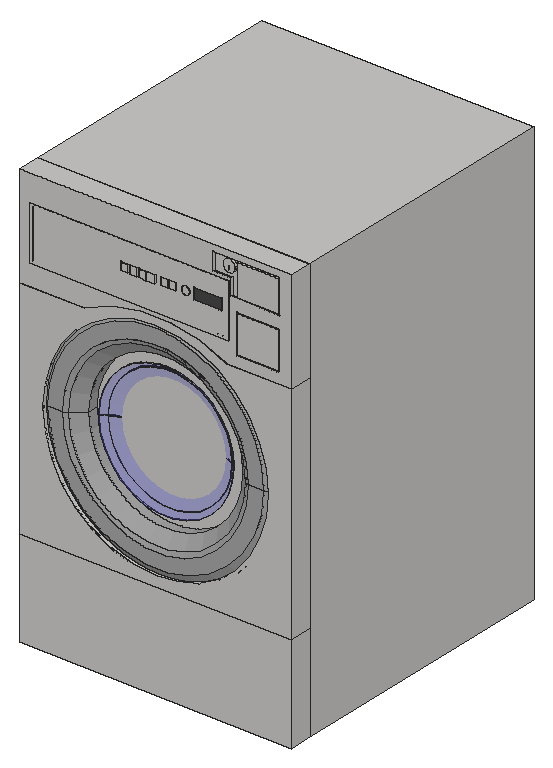
Revit family "QF_ELECTROLUXPROFESSIONAL_1LSNA1_WE1100P_E", category Attrezzature speciali, Revit 2021
Family settings
  Quota connettore circolare = Usa diametro
  Tipo di parte = Normale
  Basato su piano di lavoro = No
  Sempre verticale = Sì
  Taglio con vuoti quando caricato = No
  Condiviso = No
  Punto di calcolo locali = No
Parameters (values of type "988690003")
  Width = 686 mm
  Weight = 136
  Watts = 2000 W
  Volts = 240 V
  URL = "www.electroluxprofessional.com"
  Steam Pounds per Hour = 0
  Sensible Heat Output = "0.0"
  Prospetto di default = 0 mm
  Produttore = "Electrolux Professional"
  Phase = 1
  Modello = "WE1100P"
  Length Actual = 686 mm
  Latent Heat Output = "0.0"
  Item Number = "1L0GJU"
  Hot Water Size [instance] = 20 mm
  Height Actual = 1098 mm
  Height = 850 mm
  Gas KW = 0
  Direct Waste Size [instance] = 57 mm
  Descrizione = "myPRO XL SMART PROFESSIONAL WASHER WE1100P 12KG PUMP 220-240/50/1N 2,0KW SYMBOLS EU SST/DARK BLUE"
  Depth Actual = 765 mm
  Depth = 822 mm
  Cycle = 50 Hz
  Corrente [instance] = "91.0"
  Cold Water Size [instance] = 20 mm
Types (5, lengths in mm): name | Weight | Length Actual | Item Number | Hot Water Size | Height Actual | Direct Waste Size | Descrizione | Depth Actual | Cycle | Corrente | Cold Water Size
  (no name) | 136 | 686 | "1L0GJU" | 20 | 1098 | 57 | "myPRO XL SMART PROFESSIONAL WASHER WE1100P 12KG PUMP 220-240/50/1N 2,0KW SYMBOLS EU SST/DARK BLUE" | 765 | 50 Hz | "91.0" | 20
  988690005 | 0 | 0 | "1L0H20" | 0 | 0 | 0 | "myPRO XL SMART PROFESSIONAL WASHER WE1100P PUMP 208-240/60/1N 2,0KW SYMBOLS EU SST/DARK BLUE" | 0 | 60 Hz | "91.0" | 0
  988690004 | 136 | 686 | "1L0GJV" | 20 | 1098 | 57 | "myPRO XL SMART PROFESSIONAL WASHER WE1100P 12KG PUMP 220-240/50/1N 2,0KW SYMBOLS UK SST/DARK BLUE" | 765 | 50 Hz | "9.1" | 20
  988690006 | 136 | 686 | "1L0GM8" | 20 | 1098 | 57 | "myPRO XL SMART PROFESSIONAL WASHER WE1100P 12KG PUMP 220-240/50/1N 2,0KW SYMBOLS EU SST/DARK BLUE" | 765 | 50 Hz | "9.1" | 20
  988690003 | 136 | 686 | "1L0GJU" | 20 | 1098 | 57 | "myPRO XL SMART PROFESSIONAL WASHER WE1100P 12KG PUMP 220-240/50/1N 2,0KW SYMBOLS EU SST/DARK BLUE" | 765 | 50 Hz | "91.0" | 20
Reference planes
  plane 1 "Center (Front/Back)": y = 0
  plane 2: z = 0
  plane 3 "Center (Left/Right)": x = 0
  plane 4 "LEFT": x = -343
  plane 5 "RIGHT": x = 343
  plane 6 "BACK": y = 411
  plane 7 "FRONT": y = -411
  plane 8 "voidPanel": through (0, -279.09, 846.678) normal (0, -0.9308, 0.3656)
  plane 9 "TOP": z = 1098
  plane 10: y = -928
Forms (mm)
  Extrusion 1, solid, material "QF_Finishes_Stainless Steel"
    sketch origin (0, 0, 0) x (1, 0, 0) y (0, 1, 0)
      loop
        line (-343, 354) -> (-343, -354) -> (343, -354) -> (343, 354) -> (-343, 354)
    from 25 to 1098
  Extrusion 2, void
    sketch origin (0, -411, 114) x (0, 0, 1) y (-1, 0, 0)
      loop
        circle (470, 0) r 242.757
    from 0 to -726.106
  Revolve 3, solid, material "QF_Finishes_Gray"
    sketch origin (0, 0, 584) x (-1, 0, 0) y (0, -1, 0)
      loop
        line (295.448, 354.108) -> (295.448, 397.035) -> (272.916, 411) -> (235.246, 411) -> (223.534, 406.93) -> (195.25, 378.646) -> (195.25, 354.108) -> (295.448, 354.108)
      axis (0, 354.108) -> (0, 411)
    angle from 0 to 360
  Revolve 4, solid, material "Glass"
    sketch origin (0, 0, 584) x (-1, 0, 0) y (0, -1, 0)
      loop
        line (156.034, 365.621) -> (125.785, 351.316)
        arc (125.785, 351.316) -> (117.42, 348.976) -> (108.77, 348.187) r 47.824
        line (108.77, 348.187) -> (0, 348.187) -> (0, 346.187) -> (108.77, 346.187)
        arc (108.77, 346.187) -> (117.82, 347.016) -> (126.57, 349.475) r 49.824
        line (126.57, 349.475) -> (156.889, 363.813)
        arc (156.889, 363.813) -> (164.396, 368.582) -> (170.5, 375.051) r 35.892
        line (170.5, 375.051) -> (170.5, 378.646)
        arc (170.5, 378.646) -> (164.222, 371.072) -> (156.034, 365.621) r 33.892
      axis (0, 346.187) -> (0, 378.646)
    angle from 0 to 360
  Extrusion 5, void
    sketch origin (0, 0, 470) x (-1, 0, 0) y (0, -1, 0)
      loop
        line (333, -329) -> (333, 336.297) -> (-333, 336.297) -> (-333, -329) -> (333, -329)
    from -434.1 to 430
  Extrusion 6, solid, material "QF_Finishes_Rubber Black"
    sketch origin (25, 0, 0) x (1, 0, 0) y (0, 1, 0)
      loop
        circle (-308, 313.6) r 20
    from 0 to 10
  Extrusion 7, solid, material "QF_Finishes_Stainless Steel"
    sketch origin (25, 0, 0) x (1, 0, 0) y (0, 1, 0)
      loop
        circle (-308, 313.6) r 11
    from 10 to 25
  Extrusion 8, solid, material "QF_Finishes_Rubber Black"
    sketch origin (25, 0, 0) x (1, 0, 0) y (0, 1, 0)
      loop
        circle (-308, -309.8) r 20
    from 0 to 10
  Extrusion 9, solid, material "QF_Finishes_Stainless Steel"
    sketch origin (25, 0, 0) x (1, 0, 0) y (0, 1, 0)
      loop
        circle (-308, -309.8) r 11
    from 10 to 25
  Revolve 10, solid, material "QF_Door-Drawer Clearances", detail levels coarse
    sketch origin (0, -354.108, 110) x (-1, 0, 0) y (0, 0, 1)
      loop
        circle (-1.368, 470) r 285
      axis (287.524, 470) -> (287.524, 469)
    angle from 0 to 90
  Extrusion 11, solid, material "QF_Finishes_Rubber Black"
    sketch origin (-25, 0, 0) x (-1, 0, 0) y (0, -1, 0)
      loop
        circle (-308, -313.6) r 20
    from 0 to 10
  Extrusion 12, solid, material "QF_Finishes_Stainless Steel"
    sketch origin (-25, 0, 0) x (-1, 0, 0) y (0, -1, 0)
      loop
        circle (-308, -313.6) r 11
    from 10 to 25
  Extrusion 13, solid, material "QF_Finishes_Rubber Black"
    sketch origin (-25, 0, 0) x (-1, 0, 0) y (0, -1, 0)
      loop
        circle (-308, 309.8) r 20
    from 0 to 10
  Extrusion 14, solid, material "QF_Finishes_Stainless Steel"
    sketch origin (-25, 0, 0) x (-1, 0, 0) y (0, -1, 0)
      loop
        circle (-308, 309.8) r 11
    from 10 to 25
  Extrusion 15, solid, material "QF_Finishes_Stainless Steel"
    sketch origin (0, -411, 0) x (0, 0, 1) y (-1, 0, 0)
      loop
        line (25, 343) -> (25, -343) -> (270, -343) -> (270, 343) -> (25, 343)
    from 0 to -57
  Extrusion 16, solid, material "QF_Finishes_Stainless Steel"
    sketch origin (0, -411, 0) x (0, 0, 1) y (-1, 0, 0)
      loop
        line (840, -343) -> (1098, -343) -> (1098, 343) -> (840, 343) -> (840, 180)
        arc (840, 180) -> (884.448, 0) -> (840, -180) r 386.695
        line (840, -180) -> (840, -343)
    from 0 to -57
  Extrusion 17, solid, material "QF_Finishes_Stainless Steel"
    sketch origin (0, -411, 0) x (0, 0, 1) y (-1, 0, 0)
      loop
        line (840, 343) -> (270, 343) -> (270, -343) -> (840, -343) -> (840, -180)
        arc (840, -180) -> (884.448, 0) -> (840, 180) r 386.695
        line (840, 180) -> (840, 343)
      loop
        circle (580, 0) r 285
    from 0 to -57
  Extrusion 18, void
    sketch origin (0, -411, 0) x (0, 0, 1) y (-1, 0, 0)
      loop
        line (900, 310) -> (900, -177.556) -> (1023.011, -177.556) -> (1023.011, 310) -> (900, 310)
      loop
        line (966.011, -204.442) -> (866.011, -204.442) -> (866.011, -314.442) -> (966.011, -314.442) -> (966.011, -204.442)
      loop
        line (996.011, -189.442) -> (996.011, -314.442) -> (1083.011, -314.442) -> (1083.011, -145.278) -> (1038.011, -145.278) -> (1038.011, -189.442) -> (996.011, -189.442)
    from 0 to -5
  Extrusion 19, solid, material "QF_Finishes_Stainless Steel"
    sketch origin (0, -411, 0) x (0, 0, 1) y (-1, 0, 0)
      loop
        line (893.011, 317.724) -> (893.011, -184.442) -> (1030, -184.442) -> (1030, 317.724) -> (893.011, 317.724)
      loop
        line (1078.64, -311.442) -> (1078.64, -207.442) -> (999.011, -207.442) -> (999.011, -311.442) -> (1078.64, -311.442)
      loop
        line (963.011, -311.442) -> (963.011, -207.442) -> (869.011, -207.442) -> (869.011, -311.442) -> (963.011, -311.442)
      loop
        line (958.011, 88.08) -> (958.011, 68.08) -> (978.011, 68.08) -> (978.011, 88.08) -> (958.011, 88.08)
      loop
        line (978.011, 65.388) -> (958.011, 65.388) -> (958.011, 45.384) -> (978.011, 45.384) -> (978.011, 65.388)
      loop
        line (978.011, 42.696) -> (958.011, 42.696) -> (958.011, 22.692) -> (978.011, 22.692) -> (978.011, 42.696)
      loop
        line (978.011, 20.004) -> (958.011, 20.004) -> (958.011, 0) -> (978.011, 0) -> (978.011, 20.004)
      loop
        circle (969.242, -76.184) r 10
      loop
        line (955.286, -166.743) -> (985.286, -166.743) -> (985.286, -96.743) -> (955.286, -96.743) -> (955.286, -166.743)
      loop
        line (978.011, -13.509) -> (960.092, -13.509) -> (960.092, -31.382) -> (978.011, -31.382) -> (978.011, -13.509)
      loop
        line (978.011, -33.509) -> (960.092, -33.509) -> (960.092, -51.382) -> (978.011, -51.382) -> (978.011, -33.509)
      loop
        circle (1064.031, -186.619) r 15
      loop
        line (1055, -188.119) -> (1064.015, -188.119) -> (1064.015, -185.119) -> (1055, -185.119) -> (1055, -188.119)
    from 0.5 to -5
  Extrusion 20, solid, material "QF_Finishes_Stainless Steel"
    sketch origin (35.424, -411, -24.138) x (0, 0, 1) y (-1, 0, 0)
      loop
        line (1002.148, 123.504) -> (982.148, 123.504) -> (982.148, 103.504) -> (1002.148, 103.504) -> (1002.148, 123.504)
      loop
        line (1002.148, 100.812) -> (982.148, 100.812) -> (982.148, 80.808) -> (1002.148, 80.808) -> (1002.148, 100.812)
      loop
        line (1002.148, 78.12) -> (982.148, 78.12) -> (982.148, 58.116) -> (1002.148, 58.116) -> (1002.148, 78.12)
      loop
        line (1002.148, 55.428) -> (982.148, 55.428) -> (982.148, 35.424) -> (1002.148, 35.424) -> (1002.148, 55.428)
    from 2 to -13.46
  Extrusion 21, solid, material "QF_Finishes_Stainless Steel"
    sketch origin (41.324, -411, -22.907) x (0, 0, 1) y (-1, 0, 0)
      loop
        circle (992.148, -34.859) r 10
    from 1 to -13.46
  Extrusion 22, solid, material "QF_Finishes_Black"
    sketch origin (41.884, -411, -21.862) x (0, 0, 1) y (-1, 0, 0)
      loop
        line (1007.148, -54.859) -> (977.148, -54.859) -> (977.148, -124.859) -> (1007.148, -124.859) -> (1007.148, -54.859)
    from 0 to -13.46
  Blend 23, solid, material "QF_Finishes_Stainless Steel"
    base sketch origin (0, 411, 0) x (0, 0, 1) y (-1, 0, 0)
      loop
        line (784.238, -184.6) -> (784.238, 184.6)
        arc (784.238, 184.6) -> (762.271, 237.633) -> (709.238, 259.6) r 75
        line (709.238, 259.6) -> (394.238, 259.6) -> (305.804, 282.768)
        arc (305.804, 282.768) -> (247.18, 288.682) -> (189.562, 276.351) r 190
        line (189.562, 276.351) -> (140.657, 257.578)
        arc (140.657, 257.578) -> (112.712, 235.548) -> (102.159, 201.563) r 60
        line (102.159, 201.563) -> (102.159, -201.563)
        arc (102.159, -201.563) -> (112.712, -235.548) -> (140.657, -257.578) r 60
        line (140.657, -257.578) -> (189.562, -276.351)
        arc (189.562, -276.351) -> (247.18, -288.682) -> (305.804, -282.768) r 190
        line (305.804, -282.768) -> (394.238, -259.6) -> (709.238, -259.6)
        arc (709.238, -259.6) -> (762.271, -237.633) -> (784.238, -184.6) r 75
    top sketch origin (0, 411, 0) x (0, 0, 1) y (-1, 0, 0)
      loop
        line (784.238, -184.6) -> (784.238, 184.6)
        arc (784.238, 184.6) -> (762.271, 237.633) -> (709.238, 259.6) r 75
        line (709.238, 259.6) -> (394.238, 259.6) -> (305.804, 282.768)
        arc (305.804, 282.768) -> (247.18, 288.682) -> (189.562, 276.351) r 190
        line (189.562, 276.351) -> (140.657, 257.578)
        arc (140.657, 257.578) -> (112.712, 235.548) -> (102.159, 201.563) r 60
        line (102.159, 201.563) -> (102.159, -201.563)
        arc (102.159, -201.563) -> (112.712, -235.548) -> (140.657, -257.578) r 60
        line (140.657, -257.578) -> (189.562, -276.351)
        arc (189.562, -276.351) -> (247.18, -288.682) -> (305.804, -282.768) r 190
        line (305.804, -282.768) -> (394.238, -259.6) -> (709.238, -259.6)
        arc (709.238, -259.6) -> (762.271, -237.633) -> (784.238, -184.6) r 75
    from 57 to 31.462
  Blend 24, solid, material "QF_Finishes_Stainless Steel"
    base sketch origin (0, 411, 0) x (0, 0, 1) y (-1, 0, 0)
      loop
        line (320.525, -120) -> (480, -120)
        arc (480, -120) -> (600, 0) -> (480, 120) r 120
        line (480, 120) -> (320.525, 120)
        arc (320.525, 120) -> (200.525, 0) -> (320.525, -120) r 120
    top sketch origin (0, 411, 0) x (0, 0, 1) y (-1, 0, 0)
      loop
        line (480, 105) -> (320.525, 105)
        arc (320.525, 105) -> (215.525, 0) -> (320.525, -105) r 105
        line (320.525, -105) -> (480, -105)
        arc (480, -105) -> (585, 0) -> (480, 105) r 105
    from 31.462 to 13.773
  Extrusion 25, solid, material "QF_Finishes_Stainless Steel"
    sketch origin (0, 411, 0) x (0, 0, 1) y (-1, 0, 0)
      loop
        circle (490.355, 0) r 80
    from 0 to 13.773
  Extrusion 26, solid, material "QF_Finishes_Stainless Steel"
    sketch origin (137.012, -411, -24.138) x (0, 0, 1) y (-1, 0, 0)
      loop
        line (1002.148, 123.504) -> (984.23, 123.504) -> (984.23, 105.63) -> (1002.148, 105.63) -> (1002.148, 123.504)
      loop
        line (1002.148, 103.504) -> (984.23, 103.504) -> (984.23, 85.63) -> (1002.148, 85.63) -> (1002.148, 103.504)
    from 2 to -13.46
  Extrusion 27, solid, material "QF_Finishes_Stainless Steel"
    sketch origin (0, 411, 0) x (0, 0, 1) y (-1, 0, 0)
      loop
        arc (831.177, -251.517) -> (838.5, -269.194) -> (856.177, -276.517) r 25
        line (856.177, -276.517) -> (896.177, -276.517)
        arc (896.177, -276.517) -> (910.32, -270.659) -> (916.177, -256.517) r 20
        line (916.177, -256.517) -> (916.177, -91.517)
        arc (916.177, -91.517) -> (910.32, -77.375) -> (896.177, -71.517) r 20
        line (896.177, -71.517) -> (856.177, -71.517)
        arc (856.177, -71.517) -> (838.5, -78.839) -> (831.177, -96.517) r 25
        line (831.177, -96.517) -> (831.177, -251.517)
      loop
        arc (850.673, 78.041) -> (856.531, 63.899) -> (870.673, 58.041) r 20
        line (870.673, 58.041) -> (915.673, 58.041)
        arc (915.673, 58.041) -> (929.815, 63.899) -> (935.673, 78.041) r 20
        line (935.673, 78.041) -> (935.673, 108.041)
        arc (935.673, 108.041) -> (929.815, 122.183) -> (915.673, 128.041) r 20
        line (915.673, 128.041) -> (870.673, 128.041)
        arc (870.673, 128.041) -> (856.531, 122.183) -> (850.673, 108.041) r 20
        line (850.673, 108.041) -> (850.673, 78.041)
      loop
        arc (850.673, 167.296) -> (856.531, 153.154) -> (870.673, 147.296) r 20
        line (870.673, 147.296) -> (907.608, 147.296)
        arc (907.608, 147.296) -> (927.453, 155.516) -> (935.673, 175.361) r 28.065
        line (935.673, 175.361) -> (935.673, 297.724)
        arc (935.673, 297.724) -> (929.815, 311.866) -> (915.673, 317.724) r 20
        line (915.673, 317.724) -> (870.673, 317.724)
        arc (870.673, 317.724) -> (856.531, 311.866) -> (850.673, 297.724) r 20
        line (850.673, 297.724) -> (850.673, 167.296)
    from 50.476 to 57
  Extrusion 28, solid, material "QF_Finishes_Stainless Steel"
    sketch origin (0, 411, 0) x (0, 0, 1) y (-1, 0, 0)
      loop
        circle (904.625, -20.96) r 10
      loop
        circle (900, 93.439) r 25.4
      loop
        circle (893.011, 195.368) r 12.7
      loop
        circle (893.011, 273.674) r 12.7
    from 46.49 to 50.476
  Extrusion 29, solid, material "QF_Finishes_Stainless Steel"
    sketch origin (0, 411, 0) x (0, 0, 1) y (-1, 0, 0)
      loop
        circle (808.547, 296.859) r 12.7
    from 46.49 to 57
  Extrusion 30, solid, material "QF_Finishes_Stainless Steel"
    sketch origin (0, 411, 0) x (0, 0, 1) y (-1, 0, 0)
      loop
        circle (904.625, -20.96) r 10
    from 50.476 to 57
Cuts and joins
  Extrusion 5 cuts Extrusion 1
  Extrusion 18 cuts Extrusion 16
  joined: Extrusion 28, Extrusion 30
Lines and regions (mm)
  model lines
    curve 1: line (253.366, -313.716, 0) -> (253.669, -317.455, 0)
  symbolic lines, style "QF_Door-Drawer Clearances"
    curve 2: line (-287.524, -928, 744.475) -> (-287.524, -411, 744.475)
    curve 21: arc (-287.524, -928, 744.475) -> (97.49, -779.724, 744.475) -> (283.589, -411.5, 744.475) r 574
  symbolic lines
    curve 3: line (-343, 354, 744.475) -> (343, 354, 744.475)
    curve 4: line (-343, -354, 744.475) -> (-343, 354, 744.475)
    curve 5: line (343, -354, 744.475) -> (-343, -354, 744.475)
    curve 6: line (343, 354, 744.475) -> (343, -354, 744.475)
    curve 7: line (-343, -354, 744.475) -> (-343, -411, 744.475)
    curve 8: line (-343, -411, 744.475) -> (343, -411, 744.475)
    curve 9: line (343, -411, 744.475) -> (343, -354, 744.475)
    curve 10: line (-288.971, 379.538, 744.475) -> (288.971, 379.538, 744.475)
    curve 11: line (288.971, 379.538, 744.475) -> (288.971, 354, 744.475)
    curve 12: line (-288.971, 379.538, 744.475) -> (-288.971, 354, 744.475)
    curve 13: line (-259.6, 379.538, 744.475) -> (-259.6, 354, 744.475)
    curve 14: line (259.6, 379.538, 744.475) -> (259.6, 354, 744.475)
    curve 15: line (-120, 379.538, 744.475) -> (-105, 397.227, 744.475)
    curve 16: line (-105, 397.227, 744.475) -> (105, 397.227, 744.475)
    curve 17: line (105, 397.227, 744.475) -> (120, 379.538, 744.475)
    curve 18: line (80, 411, 744.475) -> (-80, 411, 744.475)
    curve 19: line (-80, 411, 744.475) -> (-80, 397.227, 744.475)
    curve 20: line (80, 411, 744.475) -> (80, 397.227, 744.475)
Dimensions and locks
  equal spacing: plane 5 "RIGHT", plane 3 "Center (Left/Right)", plane 4 "LEFT"
  "Width": plane 5 "RIGHT" to plane 4 "LEFT"
  equal spacing: plane 7 "FRONT", plane 1 "Center (Front/Back)", plane 6 "BACK"
  plane 9 "TOP" to level = 1098 mm
  plane 7 "FRONT" to plane 1 "Center (Front/Back)" to plane 6 "BACK" = 411 mm, 411 mm
  plane 4 "LEFT" to plane 5 "RIGHT" = 686 mm
  cut or joined group of Extrusion 1, Extrusion 5 to cut or joined group of Extrusion 16, Extrusion 18 = 765 mm
  plane 7 "FRONT" to plane 10 = 517 mm
  plane 10 to plane 6 "BACK" = 1339 mm
  plane 6 "BACK" to cut or joined group of Extrusion 16, Extrusion 18 = 765 mm
  plane 10 to cut or joined group of Extrusion 16, Extrusion 18 = 574 mm
  plane 6 "BACK" to plane 10 = 1339 mm
  aligned and locked: level to plane 2
Automatic sketch dimensions
  Extrusion 1 sketch curve to plane 4 "LEFT" = 0 mm
  Extrusion 1 sketch curve to plane 5 "RIGHT" = 0 mm
  Extrusion 1 sketch curve to plane 7 "FRONT" = 57 mm
  plane 6 "BACK" to Extrusion 1 sketch curve = 57 mm
  Extrusion 2 sketch curve to plane 3 "Center (Left/Right)" = 0 mm
  Extrusion 2 sketch curve to plane 9 "TOP" = 514 mm
  Revolve 3 sketch curve to plane 3 "Center (Left/Right)" = 0 mm
  plane 7 "FRONT" to Revolve 3 sketch curve = 0 mm
  Revolve 3 sketch curve to plane 7 "FRONT" = 56.892 mm
  plane 4 "LEFT" to Revolve 3 sketch curve = 147.75 mm
  Revolve 3 sketch curve to plane 7 "FRONT" = 4.07 mm
  Revolve 3 sketch curve to Revolve 3 sketch curve = 28.284 mm
  Revolve 3 sketch curve to Revolve 3 sketch curve = 11.712 mm
  Revolve 3 sketch curve to Revolve 3 sketch curve = 37.67 mm
  Revolve 3 sketch curve to Revolve 3 sketch curve = 22.532 mm
  Revolve 3 sketch curve to Revolve 3 sketch curve = 24.537 mm
  Revolve 3 sketch curve to plane 7 "FRONT" = 13.965 mm
  Revolve 3 sketch curve to plane 6 "BACK" = 1134.072 mm
  plane 10 to Revolve 3 sketch curve = 569.917 mm
  Revolve 4 sketch curve to Revolve 4 sketch curve = 0 mm  (x4)
  Revolve 4 sketch curve to plane 3 "Center (Left/Right)" = 0 mm  (x2)
  Revolve 4 sketch curve to plane 3 "Center (Left/Right)" = 108.77 mm
  Revolve 4 sketch curve to Revolve 4 sketch curve = 17.015 mm
  Revolve 4 sketch curve to plane 7 "FRONT" = 61.525 mm
  Revolve 4 sketch curve to Revolve 4 sketch curve = 0.785 mm
  Revolve 4 sketch curve to plane 7 "FRONT" = 14.74 mm
  Revolve 4 sketch curve to Revolve 4 sketch curve = 32.775 mm
  Revolve 4 sketch curve to plane 7 "FRONT" = 45.379 mm
  Revolve 4 sketch curve to Revolve 4 sketch curve = 30.249 mm
  Revolve 4 sketch curve to plane 7 "FRONT" = 47.187 mm
  Revolve 4 sketch curve to Revolve 4 sketch curve = 0.855 mm
  Revolve 4 sketch curve to Revolve 4 sketch curve = 14.466 mm
  Revolve 4 sketch curve to plane 7 "FRONT" = 62.813 mm
  Revolve 4 sketch curve to Revolve 4 sketch curve = 2 mm
  Revolve 4 sketch curve to plane 6 "BACK" = 1134.072 mm
  plane 10 to Revolve 4 sketch curve = 569.917 mm
  Extrusion 5 sketch curve to plane 5 "RIGHT" = 10 mm
  plane 4 "LEFT" to Extrusion 5 sketch curve = 10 mm
  plane 6 "BACK" to Extrusion 5 sketch curve = 82 mm
  Extrusion 5 sketch curve to plane 7 "FRONT" = 74.703 mm
  plane 4 "LEFT" to Extrusion 6 sketch curve = 60 mm
  plane 6 "BACK" to Extrusion 6 sketch curve = 97.4 mm
  plane 4 "LEFT" to Extrusion 7 sketch curve = 60 mm
  plane 6 "BACK" to Extrusion 7 sketch curve = 97.4 mm
  plane 4 "LEFT" to Extrusion 8 sketch curve = 60 mm
  Extrusion 8 sketch curve to plane 7 "FRONT" = 101.2 mm
  plane 4 "LEFT" to Extrusion 9 sketch curve = 60 mm
  Extrusion 9 sketch curve to plane 7 "FRONT" = 101.2 mm
  plane 10 to curve 2 = 0 mm
  plane 7 "FRONT" to curve 2 = 0 mm
  plane 4 "LEFT" to curve 2 = 55.476 mm
  plane 3 "Center (Left/Right)" to Revolve 10 sketch curve = 1.368 mm
  Revolve 10 sketch curve to plane 9 "TOP" = 518 mm
  plane 4 "LEFT" to Revolve 10 sketch curve = 55.476 mm
  Revolve 10 sketch curve to level = 194.8 mm
  plane 9 "TOP" to Revolve 10 sketch curve = 1450.4 mm
  plane 5 "RIGHT" to Extrusion 11 sketch curve = 60 mm
  Extrusion 11 sketch curve to plane 6 "BACK" = 97.4 mm
  plane 5 "RIGHT" to Extrusion 12 sketch curve = 60 mm
  Extrusion 12 sketch curve to plane 6 "BACK" = 97.4 mm
  plane 5 "RIGHT" to Extrusion 13 sketch curve = 60 mm
  plane 7 "FRONT" to Extrusion 13 sketch curve = 101.2 mm
  plane 5 "RIGHT" to Extrusion 14 sketch curve = 60 mm
  plane 7 "FRONT" to Extrusion 14 sketch curve = 101.2 mm
  Extrusion 15 sketch curve to plane 5 "RIGHT" = 0 mm
  Extrusion 15 sketch curve to plane 4 "LEFT" = 0 mm
  level to Extrusion 15 sketch curve = 25 mm
  Extrusion 15 sketch curve to Extrusion 15 sketch curve = 245 mm
  Extrusion 16 sketch curve to plane 5 "RIGHT" = 0 mm
  Extrusion 16 sketch curve to plane 4 "LEFT" = 0 mm
  Extrusion 16 sketch curve to plane 9 "TOP" = 0 mm
  Extrusion 16 sketch curve to Extrusion 16 sketch curve = 258 mm  (x2)
  Extrusion 16 sketch curve to plane 5 "RIGHT" = 163 mm
  Extrusion 17 sketch curve to plane 4 "LEFT" = 0 mm
  Extrusion 17 sketch curve to plane 5 "RIGHT" = 0 mm
  Extrusion 17 sketch curve to plane 3 "Center (Left/Right)" = 0 mm  (x2)
  level to Extrusion 17 sketch curve = 270 mm
  Extrusion 17 sketch curve to Extrusion 17 sketch curve = 227.753 mm
  Extrusion 17 sketch curve to Extrusion 17 sketch curve = 82.247 mm
  Extrusion 17 sketch curve to plane 9 "TOP" = 258 mm  (x2)
  plane 4 "LEFT" to Extrusion 17 sketch curve = 163 mm
  Extrusion 20 sketch curve to plane 3 "Center (Left/Right)" = 0 mm
  Extrusion 20 sketch curve to plane 9 "TOP" = 139.989 mm
  Extrusion 20 sketch curve to Extrusion 20 sketch curve = 0 mm  (x5)
  Extrusion 20 sketch curve to Extrusion 20 sketch curve = 20 mm  (x3)
  Extrusion 20 sketch curve to Extrusion 20 sketch curve = 20.004 mm  (x3)
  Extrusion 20 sketch curve to Extrusion 20 sketch curve = 2.689 mm  (x2)
  Extrusion 20 sketch curve to Extrusion 20 sketch curve = 2.692 mm
  Extrusion 21 sketch curve to plane 9 "TOP" = 128.758 mm
  plane 3 "Center (Left/Right)" to Extrusion 21 sketch curve = 76.184 mm
  Extrusion 22 sketch curve to plane 9 "TOP" = 142.714 mm
  Extrusion 22 sketch curve to Extrusion 22 sketch curve = 30 mm
  plane 3 "Center (Left/Right)" to Extrusion 22 sketch curve = 166.743 mm
  Extrusion 22 sketch curve to Extrusion 22 sketch curve = 70 mm
  level to Blend 23 sketch curve = 102.159 mm  (x2)
  Blend 23 sketch curve to Blend 23 sketch curve = 38.498 mm  (x4)
  Blend 23 sketch curve to plane 5 "RIGHT" = 85.422 mm  (x2)
  Blend 23 sketch curve to Blend 23 sketch curve = 60 mm  (x4)
  Blend 23 sketch curve to plane 5 "RIGHT" = 66.649 mm  (x2)
  Blend 23 sketch curve to Blend 23 sketch curve = 48.905 mm  (x4)
  plane 4 "LEFT" to Blend 23 sketch curve = 66.649 mm  (x2)
  Blend 23 sketch curve to Blend 23 sketch curve = 95.493 mm  (x4)
  Blend 23 sketch curve to plane 5 "RIGHT" = 60.232 mm  (x2)
  Blend 23 sketch curve to Blend 23 sketch curve = 116.242 mm  (x4)
  plane 4 "LEFT" to Blend 23 sketch curve = 60.232 mm  (x2)
  Blend 23 sketch curve to plane 5 "RIGHT" = 83.4 mm  (x2)
  Blend 23 sketch curve to Blend 23 sketch curve = 88.434 mm  (x4)
  plane 4 "LEFT" to Blend 23 sketch curve = 83.4 mm  (x2)
  Blend 23 sketch curve to Blend 23 sketch curve = 315 mm  (x4)
  Blend 23 sketch curve to plane 5 "RIGHT" = 158.4 mm
  Blend 23 sketch curve to Blend 23 sketch curve = 74.788 mm
  plane 4 "LEFT" to Blend 23 sketch curve = 85.422 mm
  Blend 23 sketch curve to Blend 23 sketch curve = 75 mm
  Blend 24 sketch curve to plane 3 "Center (Left/Right)" = 0 mm  (x2)
  plane 3 "Center (Left/Right)" to Blend 24 sketch curve = 120 mm
  level to Blend 24 sketch curve = 320.525 mm  (x2)
  Blend 24 sketch curve to Blend 24 sketch curve = 159.475 mm  (x2)
  plane 3 "Center (Left/Right)" to Blend 24 sketch curve = 105 mm
  Extrusion 25 sketch curve to plane 3 "Center (Left/Right)" = 0 mm
  level to Extrusion 25 sketch curve = 490.355 mm
  plane 3 "Center (Left/Right)" to Extrusion 26 sketch curve = 51.382 mm
  Extrusion 26 sketch curve to plane 9 "TOP" = 137.908 mm
  Extrusion 26 sketch curve to Extrusion 26 sketch curve = 0 mm
  Extrusion 26 sketch curve to Extrusion 26 sketch curve = 17.919 mm  (x2)
  Extrusion 26 sketch curve to Extrusion 26 sketch curve = 17.873 mm
  Extrusion 26 sketch curve to Extrusion 26 sketch curve = 2.127 mm
  plane 3 "Center (Left/Right)" to Extrusion 26 sketch curve = 13.509 mm
  plane 4 "LEFT" to Extrusion 16 sketch curve = 163 mm
  Extrusion 16 sketch curve to Extrusion 16 sketch curve = 342.247 mm
  Extrusion 18 sketch curve to plane 5 "RIGHT" = 28.558 mm  (x2)
  Extrusion 18 sketch curve to plane 9 "TOP" = 231.989 mm
  plane 4 "LEFT" to Extrusion 18 sketch curve = 33 mm
  Extrusion 18 sketch curve to plane 9 "TOP" = 198 mm
  Extrusion 18 sketch curve to Extrusion 18 sketch curve = 66.011 mm
  Extrusion 18 sketch curve to Extrusion 18 sketch curve = 30 mm
  Extrusion 18 sketch curve to plane 9 "TOP" = 74.989 mm
  Extrusion 18 sketch curve to Extrusion 18 sketch curve = 15 mm  (x2)
  Extrusion 18 sketch curve to plane 9 "TOP" = 14.989 mm
  Extrusion 18 sketch curve to Extrusion 18 sketch curve = 110 mm
  Extrusion 18 sketch curve to Extrusion 18 sketch curve = 11.886 mm
  Extrusion 18 sketch curve to Extrusion 18 sketch curve = 44.164 mm
  Extrusion 19 sketch curve to plane 3 "Center (Left/Right)" = 0 mm
  Extrusion 19 sketch curve to plane 5 "RIGHT" = 31.558 mm  (x2)
  Extrusion 19 sketch curve to plane 9 "TOP" = 228.989 mm
  plane 4 "LEFT" to Extrusion 19 sketch curve = 25.276 mm
  Extrusion 19 sketch curve to plane 9 "TOP" = 204.989 mm
  Extrusion 19 sketch curve to Extrusion 19 sketch curve = 62.275 mm
  Extrusion 19 sketch curve to plane 3 "Center (Left/Right)" = 65.388 mm
  Extrusion 19 sketch curve to plane 9 "TOP" = 139.989 mm
  Extrusion 19 sketch curve to Extrusion 19 sketch curve = 0 mm  (x7)
  Extrusion 19 sketch curve to Extrusion 19 sketch curve = 2.081 mm  (x2)
  Extrusion 19 sketch curve to Extrusion 19 sketch curve = 94 mm
  Extrusion 19 sketch curve to Extrusion 19 sketch curve = 13.956 mm
  Extrusion 19 sketch curve to Extrusion 19 sketch curve = 20 mm  (x3)
  Extrusion 19 sketch curve to Extrusion 19 sketch curve = 17.919 mm
  Extrusion 19 sketch curve to Extrusion 19 sketch curve = 16.044 mm
  Extrusion 19 sketch curve to Extrusion 19 sketch curve = 36 mm
  Extrusion 19 sketch curve to plane 9 "TOP" = 68 mm
  Extrusion 19 sketch curve to Extrusion 19 sketch curve = 25 mm
  Extrusion 19 sketch curve to Extrusion 19 sketch curve = 9.015 mm
  Extrusion 19 sketch curve to Extrusion 19 sketch curve = 0.016 mm
  Extrusion 19 sketch curve to plane 9 "TOP" = 19.36 mm
  Extrusion 19 sketch curve to Extrusion 19 sketch curve = 104 mm
  Extrusion 19 sketch curve to Extrusion 19 sketch curve = 19.322 mm
  Extrusion 19 sketch curve to Extrusion 19 sketch curve = 1.5 mm  (x2)
  Extrusion 19 sketch curve to Extrusion 19 sketch curve = 23 mm
  Extrusion 19 sketch curve to Extrusion 19 sketch curve = 40.698 mm
  Extrusion 19 sketch curve to Extrusion 19 sketch curve = 70 mm
  Extrusion 19 sketch curve to Extrusion 19 sketch curve = 20.56 mm
  Extrusion 19 sketch curve to Extrusion 19 sketch curve = 24.802 mm
  Extrusion 19 sketch curve to Extrusion 19 sketch curve = 17.873 mm
  Extrusion 19 sketch curve to Extrusion 19 sketch curve = 2.127 mm
  plane 3 "Center (Left/Right)" to Extrusion 19 sketch curve = 13.509 mm
  Extrusion 19 sketch curve to plane 3 "Center (Left/Right)" = 20.004 mm
  Extrusion 19 sketch curve to Extrusion 19 sketch curve = 2.689 mm  (x2)
  Extrusion 19 sketch curve to Extrusion 19 sketch curve = 20.004 mm
  Extrusion 19 sketch curve to Extrusion 19 sketch curve = 2.692 mm
  Extrusion 27 sketch curve to plane 9 "TOP" = 266.823 mm
  Extrusion 27 sketch curve to Extrusion 27 sketch curve = 19.495 mm
  Extrusion 27 sketch curve to Extrusion 27 sketch curve = 0 mm
  Extrusion 27 sketch curve to Extrusion 27 sketch curve = 25 mm  (x2)
  Extrusion 27 sketch curve to Extrusion 27 sketch curve = 20 mm  (x6)
  Extrusion 27 sketch curve to Extrusion 27 sketch curve = 40 mm  (x2)
  Extrusion 27 sketch curve to Extrusion 27 sketch curve = 36.935 mm
  plane 4 "LEFT" to Extrusion 27 sketch curve = 25.276 mm
  Extrusion 27 sketch curve to Extrusion 27 sketch curve = 45 mm  (x2)
  Extrusion 27 sketch curve to Extrusion 27 sketch curve = 8.065 mm
  Extrusion 27 sketch curve to Extrusion 27 sketch curve = 28.065 mm
  Extrusion 27 sketch curve to Extrusion 27 sketch curve = 122.362 mm
  Extrusion 27 sketch curve to Extrusion 27 sketch curve = 19.255 mm
  Extrusion 27 sketch curve to Extrusion 27 sketch curve = 30 mm
  plane 3 "Center (Left/Right)" to Extrusion 27 sketch curve = 71.517 mm
  Extrusion 27 sketch curve to plane 5 "RIGHT" = 91.483 mm
  Extrusion 28 sketch curve to Extrusion 28 sketch curve = 0 mm
  Extrusion 28 sketch curve to Extrusion 28 sketch curve = 6.989 mm
  plane 3 "Center (Left/Right)" to Extrusion 28 sketch curve = 20.96 mm
  Extrusion 28 sketch curve to Extrusion 28 sketch curve = 4.625 mm
  Extrusion 28 sketch curve to plane 3 "Center (Left/Right)" = 93.439 mm
  Extrusion 28 sketch curve to Extrusion 28 sketch curve = 101.929 mm
  plane 4 "LEFT" to Extrusion 28 sketch curve = 69.326 mm
  Extrusion 28 sketch curve to plane 9 "TOP" = 204.989 mm
  plane 4 "LEFT" to Extrusion 29 sketch curve = 46.141 mm
  Extrusion 29 sketch curve to plane 9 "TOP" = 289.453 mm
  plane 10 to curve 21 = 0 mm
  curve 8 to plane 4 "LEFT" = 0 mm
  plane 7 "FRONT" to curve 8 = 0 mm
  curve 6 to plane 5 "RIGHT" = 0 mm
  plane 6 "BACK" to curve 18 = 0 mm
  curve 6 to plane 7 "FRONT" = 57 mm
  curve 4 to curve 21 = 0 mm
  plane 6 "BACK" to curve 3 = 57 mm
  curve 12 to curve 12 = 25.538 mm
  plane 6 "BACK" to curve 16 = 13.773 mm
  curve 10 to plane 5 "RIGHT" = 54.029 mm
  plane 3 "Center (Left/Right)" to curve 17 = 105 mm
  curve 16 to curve 20 = 25 mm
  curve 19 to plane 3 "Center (Left/Right)" = 80 mm
  curve 19 to curve 15 = 25 mm
  plane 4 "LEFT" to curve 21 = 55.476 mm
  plane 4 "LEFT" to curve 10 = 54.029 mm
  plane 7 "FRONT" to curve 21 = 0.5 mm
  curve 11 to curve 14 = 29.371 mm
  curve 17 to curve 16 = 15 mm
  curve 15 to curve 15 = 15 mm
  curve 13 to curve 12 = 29.371 mm
  plane 3 "Center (Left/Right)" to Extrusion 30 sketch curve = 20.96 mm
  Extrusion 30 sketch curve to plane 9 "TOP" = 193.375 mm
  radius of Extrusion 2 sketch curve = 242.757 mm
  radius of Extrusion 6 sketch curve = 20 mm
  radius of Extrusion 7 sketch curve = 11 mm
  radius of Extrusion 8 sketch curve = 20 mm
  radius of Extrusion 9 sketch curve = 11 mm
  radius of Revolve 10 sketch curve = 285 mm
  radius of Extrusion 11 sketch curve = 20 mm
  radius of Extrusion 12 sketch curve = 11 mm
  radius of Extrusion 13 sketch curve = 20 mm
  radius of Extrusion 14 sketch curve = 11 mm
  radius of Extrusion 17 sketch curve = 285 mm
  radius of Extrusion 21 sketch curve = 10 mm
  radius of Extrusion 25 sketch curve = 80 mm
  radius of Extrusion 19 sketch curve = 10 mm
  radius of Extrusion 19 sketch curve = 15 mm
  radius of Extrusion 28 sketch curve = 10 mm
  radius of Extrusion 28 sketch curve = 25.4 mm
  radius of Extrusion 28 sketch curve = 12.7 mm  (x2)
  radius of Extrusion 29 sketch curve = 12.7 mm
  radius of Extrusion 30 sketch curve = 10 mm
Connectors
  electrical at (20.96, 364.51, 904.625)
    settings: on Extrusion 28, index 1, voltage 0 V, apparent load 0 VA, apparent load phase1 0 VA, apparent load phase2 0 VA, apparent load phase3 0 VA, power factor 1, load classification "Other", number of poles 1, system type 30, power factor state 1, is connector primary yes, connector utility no, sub classification motor no, connector description "Electrical Connection"
  piping at (-195.368, 364.51, 893.011), diameter 25.4
    settings: on Extrusion 28, index 3, connector inside diameter 609.6 mm, connector length 0 mm, flow factor 0, pipe flow 0.0 L/s, pressure drop 0.0 Pa, fitting loss kfactor 0, connector angle 0.00°, fixture units 0, engagement length 0 mm, angle of deflection 0.00°, flow configuration 1, flow direction 1, fitting loss method 0, system type 20, joint type 0, gender type 0, connector reference index -1, connector utility 0, adjustable connector no, is connector primary yes, connector description "Cold Water Inlet"
  piping at (-273.674, 364.51, 893.011), diameter 25.4
    settings: on Extrusion 28, index 4, connector inside diameter 609.6 mm, connector length 0 mm, flow factor 0, pipe flow 0.0 L/s, pressure drop 0.0 Pa, fitting loss kfactor 0, connector angle 0.00°, fixture units 0, engagement length 0 mm, angle of deflection 0.00°, flow configuration 1, flow direction 1, fitting loss method 0, system type 19, joint type 0, gender type 0, connector reference index -1, connector utility 0, adjustable connector no, is connector primary no, connector description "Hot Water Inlet"
  piping at (-296.859, 364.51, 808.547), diameter 25.4
    settings: on Extrusion 29, index 5, connector inside diameter 609.6 mm, connector length 0 mm, flow factor 0, pipe flow 0.0 L/s, pressure drop 0.0 Pa, fitting loss kfactor 0, connector angle 0.00°, fixture units 0, engagement length 0 mm, angle of deflection 0.00°, flow configuration 1, flow direction 2, fitting loss method 0, system type 16, joint type 0, gender type 0, connector reference index -1, connector utility 0, adjustable connector no, is connector primary no, connector description "Drain"
